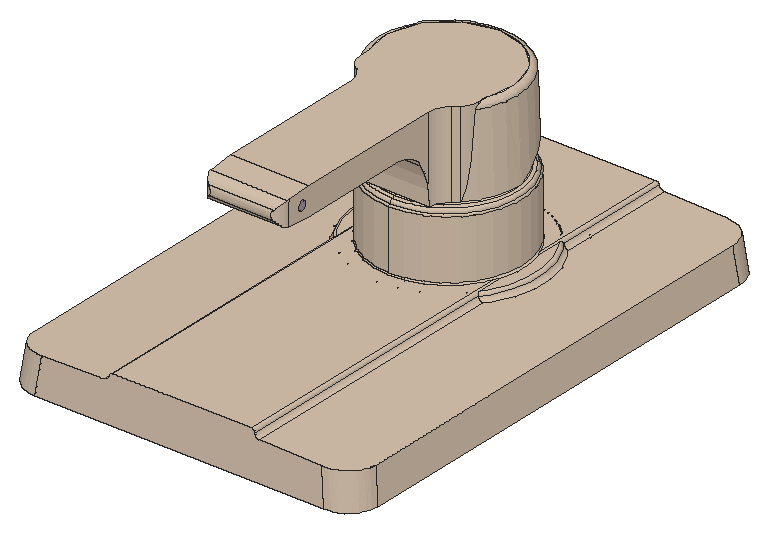
Revit family "Shower-Valve_Trim-KOHLER-Singulier-K-10880A", category Specialty Equipment, host Face, Revit 2017
Family settings
  Host = Face
  Round Connector Dimension = Use Diameter
  Part Type = Normal
  OmniClass Number = 23.31.25.00
  OmniClass Title = Toilet and Bath Specialties
  Cut with Voids When Loaded = No
  Shared = No
  Room Calculation Point = No
Parameters (values of type "AF- Vibrant French Gold")
  Width = 4 145/256"  # constant formula
  WaterSense Certified = 1 = 0  # no
  URL = "https://www.kohlerasiapacific.com/"
  Type = 2
  Product Page URL = ""
  Product Name = "Singulier\r\n"  # constant formula
  Product Documentation Link = ""
  Model = if(Type = 1, "K-10880A-4-CP", if(Type = 2, "K-10880A-4-AF", "NA"))  # "K-10880A-4-AF"
  Material = "Solid brass construction"  # constant formula
  Master Format 2014 Name = "Toilet, Bath, and Laundry Accessories"  # constant formula
  Master Format 2014 = "10 28 00"  # constant formula
  Manufacturer Address = "No. 158 Jiang Chang San Road, Zhabei District, Shanghai, China\r\n"  # constant formula
  Manufacturer = "KOHLER Co."  # constant formula
  Length = 2 167/256"  # constant formula
  Height = 6 177/256"  # constant formula
  Finish = Kohler-Metal-AF-Vibrant_French_Gold
  Environmental Product Declaration = ""
  Description = "Recessed Shower Trim"  # constant formula
  Default Elevation = 42"
  Declare Label = ""
  Date Modified = "08/14/2020"  # constant formula
  Date Created = "08/14/2020"  # constant formula
  Copyright = "Copyright KOHLER Co."  # constant formula
  Contact Us = "https://www.kohlerasiapacific.com/contact-us"
  Assembly Code = "C1030200"
  ADA Compliant = 1 = 0  # no
Types (3): name | Type | Model | Finish
  (no name) | 2 | "K-10880A-4-AF" | Kohler-Metal-AF-Vibrant_French_Gold
  CP- Polished Chrome | 1 | "K-10880A-4-CP" | Kohler-Metal-CP-Polished_Chrome
  AF- Vibrant French Gold | 2 | "K-10880A-4-AF" | Kohler-Metal-AF-Vibrant_French_Gold
Reference planes (in)
  plane 1 "Center (Front/Back)": y = 0
  plane 2: z = 0
  plane 3 "Center (Left/Right)": x = 0
  plane 4: y = 3.3457
  plane 5: y = -3.3457
  plane 6: x = -2.2832
  plane 7: x = 2.2832
  plane 8: z = 2.65234
  plane 9: y = 1.04331
  plane 10: y = -2.34252
Dimensions and locks (in)
  "Height": plane 5 to plane 4
  "Width": plane 6 to plane 7
  equal spacing: plane 5, plane 1 "Center (Front/Back)", plane 4
  equal spacing: plane 6, plane 3 "Center (Left/Right)", plane 7
  "Length": level to plane 8
  plane 9 to plane 10 = 3.38583"
  aligned and locked: plane 2 to host face
  aligned and locked: level to host face
  aligned and locked: plane 4 to nested 1
  aligned and locked: plane 5 to nested 1
  aligned and locked: plane 6 to nested 1
  aligned and locked: plane 7 to nested 1
  aligned and locked: plane 8 to nested 1
  aligned and locked: plane 9 to nested 1
  aligned and locked: plane 10 to nested 1
Automatic sketch dimensions
  host sketch curve to host sketch curve = 96"  (x2)
Nested families (in)
  nested 1: "K-10880A" at (0.00026, -0.00075, -0.00107), type "K-10880A"
Definition of nested family "K-10880A"
  Parameters (values of type "K-10880A")
    Material = none
  Reference planes (in)
    plane 1 "Center (Front/Back)": y = 0
    plane 2: z = 0
    plane 3 "Center (Left/Right)": x = 0
    plane 4: y = 3.34646
    plane 5: y = -3.34646
    plane 6: x = -2.28346
    plane 7: x = 2.28346
    plane 8 "1": y = 1.04331
    plane 9: z = 2.65341
    plane 10: y = -2.34252
  Forms (in)
    SweptBlend 1, solid, material <- "Material", detail levels medium+fine
      path origin (0, 0, 0) x (1, 0, 0) y (0, 0, 1)
        loop
          line (0, 0) -> (0, 0.59055)
      profile origin (0, 0, 0) x (-1, 0, 0) y (0, -1, 0)
        loop
          arc (1.88976, -3.34646) -> (2.16815, -3.23114) -> (2.28346, -2.95276) r 0.3937
          line (2.28346, -2.95276) -> (2.28346, 2.95276)
          arc (2.28346, 2.95276) -> (2.16815, 3.23114) -> (1.88976, 3.34646) r 0.3937
          line (1.88976, 3.34646) -> (-1.88976, 3.34646)
          arc (-1.88976, 3.34646) -> (-2.16815, 3.23114) -> (-2.28346, 2.95276) r 0.3937
          line (-2.28346, 2.95276) -> (-2.28346, -2.95276)
          arc (-2.28346, -2.95276) -> (-2.16815, -3.23114) -> (-1.88976, -3.34646) r 0.3937
          line (-1.88976, -3.34646) -> (1.88976, -3.34646)
      end profile origin (0, 0, 0.59055) x (-1, 0, 0) y (0, -1, 0)
        loop
          arc (1.81836, -3.29357) -> (2.09675, -3.17826) -> (2.21206, -2.89987) r 0.3937
          line (2.21206, -2.89987) -> (2.21206, 2.89961)
          arc (2.21206, 2.89961) -> (2.09675, 3.178) -> (1.81836, 3.29331) r 0.3937
          line (1.81836, 3.29331) -> (-1.81836, 3.29331)
          arc (-1.81836, 3.29331) -> (-2.09674, 3.178) -> (-2.21206, 2.89961) r 0.3937
          line (-2.21206, 2.89961) -> (-2.21206, -2.89987)
          arc (-2.21206, -2.89987) -> (-2.09674, -3.17826) -> (-1.81836, -3.29357) r 0.3937
          line (-1.81836, -3.29357) -> (1.81836, -3.29357)
    Extrusion 2, void
      sketch origin (0, 0, 0) x (1, 0, 0) y (0, 0, 1)
        loop
          line (2.59566, 0.4396) -> (2.59566, 0.75842) -> (-2.64178, 0.75842) -> (-2.64178, 0.43768)
          arc (-2.64178, 0.43768) -> (-1.83065, 0.4666) -> (-1.01922, 0.48503) r 62.75716
          arc (-1.01922, 0.48503) -> (-0.9708, 0.50351) -> (-0.94552, 0.54875) r 0.07592
          arc (-0.94552, 0.54875) -> (-0.93208, 0.5728) -> (-0.90633, 0.58261) r 0.04035
          arc (-0.90633, 0.58261) -> (-0.00003, 0.58972) -> (0.90627, 0.58265) r 57.92163
          arc (0.90627, 0.58265) -> (0.93326, 0.5723) -> (0.9472, 0.54697) r 0.04207
          arc (0.9472, 0.54697) -> (0.97136, 0.50303) -> (1.01817, 0.48504) r 0.073
          arc (1.01817, 0.48504) -> (1.80706, 0.46728) -> (2.59566, 0.4396) r 62.75716
      from -4.04299 to 3.66349
    Revolve 3, solid, material <- "Material", detail levels medium+fine
      sketch origin (0, 0, 0) x (0, 1, 0) y (0, 0, 1)
        loop
          arc (2.00787, 1.37323) -> (2.00235, 1.3889) -> (1.98822, 1.39764) r 0.02498
          arc (1.98822, 1.39764) -> (1.98062, 1.42785) -> (1.9552, 1.44585) r 0.04491
          line (1.9552, 1.44585) -> (1.90789, 1.45852)
          arc (1.90789, 1.45852) -> (1.8661, 1.48639) -> (1.84983, 1.53391) r 0.07833
          arc (1.84983, 1.53391) -> (1.61059, 2.09106) -> (1.04331, 2.30514) r 0.77455
          line (1.04331, 2.30514) -> (1.04331, 0.29362) -> (2.53985, 0.29362) -> (2.53985, 0.39443)
          arc (2.53985, 0.39443) -> (2.52867, 0.42524) -> (2.50033, 0.44169) r 0.04801
          line (2.50033, 0.44169) -> (2.29024, 0.47943)
          arc (2.29024, 0.47943) -> (2.24885, 0.50153) -> (2.22821, 0.54366) r 0.0763
          arc (2.22821, 0.54366) -> (2.21486, 0.56817) -> (2.18873, 0.578) r 0.04004
          arc (2.18873, 0.578) -> (2.10911, 0.57852) -> (2.02949, 0.57948) r 14.53707
          arc (2.02949, 0.57948) -> (2.01419, 0.58602) -> (2.00787, 0.60142) r 0.02194
          line (2.00787, 0.60142) -> (2.00787, 1.37323)
        axis (1.04331, 2.30514) -> (1.04331, 0.29362)
      angle from 0 to 360
    Revolve 4, solid, material <- "Material", detail levels medium+fine
      sketch origin (0, 0, 0) x (0, 1, 0) y (0, 0, 1)
        loop
          line (1.98166, 1.54134) -> (1.9515, 2.57742)
          arc (1.9515, 2.57742) -> (1.9278, 2.63129) -> (1.87326, 2.65341) r 0.07827
          line (1.87326, 2.65341) -> (1.03369, 2.65341) -> (1.03369, 1.54134) -> (1.98166, 1.54134)
        axis (1.03369, 2.65341) -> (1.03369, 1.54134)
      angle from 0 to 360
    Extrusion 5, void
      sketch origin (0, 0, 0) x (0, 1, 0) y (0, 0, 1)
        loop
          line (0.98895, 1.51482) -> (2.08275, 1.51482) -> (2.08275, 2.04836) -> (0.98895, 1.51482)
      from -1.19707 to 1.3425
    Revolve 6, solid, material <- "Material", detail levels medium+fine
      sketch origin (0, 0, 0) x (0, 1, 0) y (0, 0, 1)
        loop
          arc (2.02691, 2.26392) -> (1.99308, 2.37398) -> (1.89741, 2.43806) r 0.17206
          line (1.89741, 2.43806) -> (1.89741, 2.26392) -> (2.02691, 2.26392)
        axis (2.02691, 2.26392) -> (1.89741, 2.26392)
      angle from 0 to 360
    Extrusion 7, solid, material <- "Material", detail levels medium+fine
      sketch origin (0, 0, 0) x (1, 0, 0) y (0, 1, 0)
        loop
          line (-0.3492, -2.34638) -> (0.3492, -2.34638)
          arc (0.3492, -2.34638) -> (0.46056, -2.30026) -> (0.50668, -2.1889) r 0.15748
          line (0.50668, -2.1889) -> (0.50668, 0.07491)
          arc (0.50668, 0.07491) -> (0.53558, 0.20638) -> (0.61673, 0.31377) r 0.31496
          arc (0.61673, 0.31377) -> (0.655, 0.3484) -> (0.69132, 0.38506) r 0.94797
          arc (0.69132, 0.38506) -> (0.74784, 0.47419) -> (0.7676, 0.57786) r 0.28178
          line (0.7676, 0.57786) -> (0.7676, 0.87343) -> (-0.7676, 0.87343) -> (-0.7676, 0.57786)
          arc (-0.7676, 0.57786) -> (-0.74784, 0.47419) -> (-0.69132, 0.38506) r 0.28178
          arc (-0.69132, 0.38506) -> (-0.655, 0.3484) -> (-0.61673, 0.31377) r 0.94797
          arc (-0.61673, 0.31377) -> (-0.53552, 0.20623) -> (-0.50668, 0.07458) r 0.31496
          line (-0.50668, 0.07458) -> (-0.50668, -2.1889)
          arc (-0.50668, -2.1889) -> (-0.46056, -2.30026) -> (-0.3492, -2.34638) r 0.15748
      from 1.54134 to 2.65341
    Extrusion 8, void
      sketch origin (0, 0, 0) x (0, 1, 0) y (0, 0, 1)
        loop
          line (-1.86904, 2.65341) -> (-0.17696, 2.65341) -> (-0.17696, 3.25497) -> (-3.12972, 3.25497) -> (-3.12972, 1.4988) -> (0.10065, 1.4988)
          arc (0.10065, 1.4988) -> (0.07936, 1.79855) -> (-0.0351, 2.07641) r 0.94365
          arc (-0.0351, 2.07641) -> (-0.19524, 2.23019) -> (-0.41008, 2.2862) r 0.44002
          line (-0.41008, 2.2862) -> (-1.86428, 2.2862)
          arc (-1.86428, 2.2862) -> (-2.02747, 2.29303) -> (-2.18952, 2.31346) r 1.95379
          arc (-2.18952, 2.31346) -> (-2.26933, 2.34165) -> (-2.32618, 2.40435) r 0.17279
          arc (-2.32618, 2.40435) -> (-2.34252, 2.46937) -> (-2.32663, 2.5345) r 0.13944
          arc (-2.32663, 2.5345) -> (-2.27537, 2.59399) -> (-2.20307, 2.62464) r 0.17279
          arc (-2.20307, 2.62464) -> (-2.03668, 2.6462) -> (-1.86904, 2.65341) r 1.95379
      from -1.50105 to 1.75816
    Extrusion 9, void
      sketch origin (0, 0, 0) x (0, 1, 0) y (0, 0, 1)
        loop
          line (-0.43761, 1.90197) -> (-0.43761, 1.50827) -> (0.27954, 1.50827) -> (0.27954, 1.90197) -> (-0.43761, 1.90197)
      from -0.38902 to 0.31495
    Extrusion 10, solid, material <- "Material", detail levels coarse
      sketch origin (0, 0, 0) x (1, 0, 0) y (0, 1, 0)
        loop
          arc (-1.88976, 3.34646) -> (-2.16815, 3.23114) -> (-2.28346, 2.95276) r 0.3937
          line (-2.28346, 2.95276) -> (-2.28346, -2.95276)
          arc (-2.28346, -2.95276) -> (-2.16815, -3.23114) -> (-1.88976, -3.34646) r 0.3937
          line (-1.88976, -3.34646) -> (1.88976, -3.34646)
          arc (1.88976, -3.34646) -> (2.16815, -3.23114) -> (2.28346, -2.95276) r 0.3937
          line (2.28346, -2.95276) -> (2.28346, 2.95276)
          arc (2.28346, 2.95276) -> (2.16815, 3.23114) -> (1.88976, 3.34646) r 0.3937
          line (1.88976, 3.34646) -> (-1.88976, 3.34646)
      from 0 to 0.48477
    Extrusion 11, solid, material <- "Material", detail levels coarse
      sketch origin (0, 0, 0) x (1, 0, 0) y (0, 1, 0)
        loop
          line (-0.96455, 3.34646) -> (-0.96455, 1.78424)
          arc (-0.96455, 1.78424) -> (-1.17704, 1.03478) -> (-0.96455, 0.28532) r 1.42791
          line (-0.96455, 0.28532) -> (-0.96455, -3.34646) -> (0.96455, -3.34646) -> (0.96455, 0.32795)
          arc (0.96455, 0.32795) -> (1.17704, 1.07741) -> (0.96455, 1.82687) r 1.42791
          line (0.96455, 1.82687) -> (0.96455, 3.34646) -> (-0.96455, 3.34646)
      from 0 to 0.58977
    Revolve 12, solid, material <- "Material", detail levels coarse
      sketch origin (0, 0, 0) x (0, 1, 0) y (0, 0, 1)
        loop
          line (2.00787, 0.24445) -> (2.00787, 1.44167) -> (1.94437, 2.65341) -> (1.04331, 2.65341) -> (1.04331, 0.24445) -> (2.00787, 0.24445)
        axis (1.04331, 2.65341) -> (1.04331, 0.24445)
      angle from 0 to 360
    Extrusion 13, solid, material <- "Material", detail levels coarse
      sketch origin (0, 0, 0) x (0, 1, 0) y (0, 0, 1)
        loop
          line (0.64961, 2.2862) -> (0.64961, 2.65341) -> (-2.34252, 2.65341) -> (-2.34252, 2.2862) -> (0.64961, 2.2862)
      from -0.50668 to 0.50668
    Extrusion 14, solid, detail levels medium+fine
      sketch origin (0, 0, 0) x (0, 1, 0) y (0, 0, 1)
        loop
          circle (-1.98073, 2.46874) r 0.0565
      from 0.33928 to 0.507
    Extrusion 15, solid, detail levels medium+fine
      sketch origin (0, 0, 0) x (0, 1, 0) y (0, 0, -1)
        loop
          circle (-1.98073, -2.46874) r 0.0565
      from 0.33928 to 0.507
  Cuts and joins
    Extrusion 2, Extrusion 5 cuts SweptBlend 1
    Extrusion 5, Extrusion 9 cuts Revolve 4
    Extrusion 9 cuts Revolve 6
    Extrusion 8 cuts Extrusion 7
    joined: Revolve 3, Revolve 4, Revolve 6, Extrusion 7
    joined: Extrusion 10, Extrusion 11, Revolve 12, Extrusion 13
  Lines and regions (in)
    Masking region 1
      outline origin (0, 0, 0) x (1, 0, 0) y (0, 1, 0)
        loop
          arc (-1.89084, 3.34646) -> (-2.16847, 3.23146) -> (-2.28346, 2.95383) r 0.39263
          line (-2.28346, 2.95383) -> (-2.28346, -2.95383)
          arc (-2.28346, -2.95383) -> (-2.16847, -3.23146) -> (-1.89084, -3.34646) r 0.39263
          line (-1.89084, -3.34646) -> (1.89084, -3.34646)
          arc (1.89084, -3.34646) -> (2.16847, -3.23146) -> (2.28346, -2.95383) r 0.39263
          line (2.28346, -2.95383) -> (2.28346, 2.95383)
          arc (2.28346, 2.95383) -> (2.16847, 3.23146) -> (1.89084, 3.34646) r 0.39263
          line (1.89084, 3.34646) -> (-1.89084, 3.34646)
    Masking region 2
      outline origin (0, 0, 0) x (1, 0, 0) y (0, 0, 1)
        loop
          arc (0.96457, 1.37471) -> (0.95904, 1.39038) -> (0.94491, 1.39912) r 0.02498
          arc (0.94491, 1.39912) -> (0.93732, 1.42933) -> (0.91189, 1.44733) r 0.04491
          line (0.91189, 1.44733) -> (0.86458, 1.46001)
          arc (0.86458, 1.46001) -> (0.82102, 1.49026) -> (0.80673, 1.54134) r 0.07833
          line (0.80673, 1.54134) -> (0.94797, 1.54134) -> (0.91781, 2.57742)
          arc (0.91781, 2.57742) -> (0.89411, 2.63129) -> (0.83957, 2.65341) r 0.07827
          line (0.83957, 2.65341) -> (0, 2.65341) -> (-0.83957, 2.65341)
          arc (-0.83957, 2.65341) -> (-0.89411, 2.63129) -> (-0.91781, 2.57742) r 0.07827
          line (-0.91781, 2.57742) -> (-0.94797, 1.54134) -> (-0.80673, 1.54134)
          arc (-0.80673, 1.54134) -> (-0.82102, 1.49026) -> (-0.86458, 1.46001) r 0.07833
          line (-0.86458, 1.46001) -> (-0.91189, 1.44733)
          arc (-0.91189, 1.44733) -> (-0.93732, 1.42933) -> (-0.94491, 1.39912) r 0.04491
          arc (-0.94491, 1.39912) -> (-0.95904, 1.39038) -> (-0.96457, 1.37471) r 0.02498
          line (-0.96457, 1.37471) -> (-0.96457, 0.6029)
          arc (-0.96457, 0.6029) -> (-0.97088, 0.5875) -> (-0.98619, 0.58096) r 0.02194
          arc (-0.98619, 0.58096) -> (-1.0658, 0.58) -> (-1.14543, 0.57948) r 14.53707
          arc (-1.14543, 0.57948) -> (-1.17155, 0.56965) -> (-1.1849, 0.54514) r 0.04004
          arc (-1.1849, 0.54514) -> (-1.20554, 0.50301) -> (-1.24693, 0.48091) r 0.0763
          arc (-1.24693, 0.48091) -> (-1.71337, 0.46979) -> (-2.17972, 0.45541) r 67.07927
          arc (-2.17972, 0.45541) -> (-2.21638, 0.44042) -> (-2.23447, 0.40518) r 0.05713
          line (-2.23447, 0.40518) -> (-2.28346, 0) -> (0, 0) -> (2.28346, 0) -> (2.23447, 0.40518)
          arc (2.23447, 0.40518) -> (2.21638, 0.44042) -> (2.17972, 0.45541) r 0.05713
          arc (2.17972, 0.45541) -> (1.71337, 0.46979) -> (1.24693, 0.48091) r 67.07927
          arc (1.24693, 0.48091) -> (1.20554, 0.50301) -> (1.1849, 0.54514) r 0.0763
          arc (1.1849, 0.54514) -> (1.17155, 0.56965) -> (1.14543, 0.57948) r 0.04004
          arc (1.14543, 0.57948) -> (1.0658, 0.58) -> (0.98619, 0.58096) r 14.53707
          arc (0.98619, 0.58096) -> (0.97088, 0.5875) -> (0.96457, 0.6029) r 0.02194
          line (0.96457, 0.6029) -> (0.96457, 1.37471)
    Masking region 3
      outline origin (0, 0, 0) x (0, 1, 0) y (0, 0, 1)
        loop
          line (-3.29836, 0.5344) -> (-3.34646, 0) -> (3.34646, 0) -> (3.29851, 0.53543)
          arc (3.29851, 0.53543) -> (3.27936, 0.57411) -> (3.23913, 0.58972) r 0.05961
          line (3.23913, 0.58972) -> (2.00787, 0.58972) -> (2.00787, 1.37323)
          arc (2.00787, 1.37323) -> (2.00262, 1.38912) -> (1.98822, 1.39764) r 0.02384
          arc (1.98822, 1.39764) -> (1.98047, 1.4279) -> (1.95494, 1.44592) r 0.04522
          line (1.95494, 1.44592) -> (1.90797, 1.4585)
          arc (1.90797, 1.4585) -> (1.86561, 1.48683) -> (1.8493, 1.53511) r 0.07916
          arc (1.8493, 1.53511) -> (1.82707, 1.71869) -> (1.761, 1.89142) r 0.75735
          line (1.761, 1.89142) -> (1.96852, 1.99264) -> (1.96472, 2.124)
          arc (1.96472, 2.124) -> (2.02794, 2.2691) -> (1.95643, 2.41029) r 0.18585
          line (1.95643, 2.41029) -> (1.95159, 2.57742)
          arc (1.95159, 2.57742) -> (1.9279, 2.63128) -> (1.87337, 2.65341) r 0.07825
          line (1.87337, 2.65341) -> (-1.86904, 2.65341)
          arc (-1.86904, 2.65341) -> (-2.03668, 2.6462) -> (-2.20307, 2.62464) r 1.95379
          arc (-2.20307, 2.62464) -> (-2.27537, 2.59399) -> (-2.32663, 2.5345) r 0.17279
          arc (-2.32663, 2.5345) -> (-2.34252, 2.46937) -> (-2.32618, 2.40435) r 0.13944
          arc (-2.32618, 2.40435) -> (-2.26933, 2.34165) -> (-2.18952, 2.31346) r 0.17279
          arc (-2.18952, 2.31346) -> (-2.02747, 2.29303) -> (-1.86428, 2.2862) r 1.95379
          line (-1.86428, 2.2862) -> (-0.41008, 2.2862)
          arc (-0.41008, 2.2862) -> (-0.19524, 2.23019) -> (-0.0351, 2.07641) r 0.44002
          arc (-0.0351, 2.07641) -> (0.07424, 1.81925) -> (0.10348, 1.54134) r 0.94365
          line (0.10348, 1.54134) -> (0.23706, 1.54134)
          arc (0.23706, 1.54134) -> (0.22285, 1.48935) -> (0.17864, 1.4585) r 0.07916
          line (0.17864, 1.4585) -> (0.13167, 1.44592)
          arc (0.13167, 1.44592) -> (0.10615, 1.4279) -> (0.09839, 1.39764) r 0.04522
          arc (0.09839, 1.39764) -> (0.08399, 1.38912) -> (0.07874, 1.37323) r 0.02384
          line (0.07874, 1.37323) -> (0.07874, 0.58972) -> (-3.23783, 0.58972)
          arc (-3.23783, 0.58972) -> (-3.27883, 0.57381) -> (-3.29836, 0.5344) r 0.06077
    symbolic lines, detail levels medium+fine
      curve 1: line (0.50668, -2.22441, 0) -> (0.50668, 0.07388, 0)
      curve 2: line (-0.50668, 0.07347, 0) -> (-0.50668, -2.22441, 0)
      curve 3: line (-0.38857, -2.34252, 0) -> (0.38857, -2.34252, 0)
      curve 4: arc (-0.50668, -2.22441, 0) -> (-0.47209, -2.30793, 0) -> (-0.38857, -2.34252, 0) r 0.11811
      curve 5: arc (0.38857, -2.34252, 0) -> (0.47209, -2.30793, 0) -> (0.50668, -2.22441, 0) r 0.11811
      curve 6: line (-2.2286, -2.92005, 0) -> (-2.2286, 2.92005, 0)
      curve 7: spline (-2.2286, 2.92005, 0) -> (-2.2242, 2.97066, 0) -> (-2.21331, 3.02028, 0) -> (-2.19611, 3.06808, 0) -> (-2.17291, 3.11327, 0) -> (-2.14407, 3.15508, 0) -> (-2.11009, 3.19283, 0) -> (-2.07152, 3.22587, 0) -> (-2.02902, 3.25367, 0) -> (-1.98329, 3.27576, 0) -> (-1.9351, 3.29177, 0) -> (-1.88525, 3.30142, 0) -> (-1.83456, 3.30457, 0)
      curve 8: spline (-1.83456, 3.30468, 0) -> (-1.76664, 3.30451, 0) -> (-1.69871, 3.30434, 0) -> (-1.63078, 3.30418, 0) -> (-1.56285, 3.30402, 0) -> (-1.49492, 3.30387, 0) -> (-1.42699, 3.30373, 0) -> (-1.35905, 3.3036, 0) -> (-1.29111, 3.30347, 0) -> (-1.22317, 3.30335, 0) -> (-1.15523, 3.30323, 0) -> (-1.08729, 3.30312, 0) -> (-1.01935, 3.30302, 0)
      curve 9: spline (-1.01935, 3.30302, 0) -> (-1.01053, 3.30296, 0) -> (-1.00184, 3.30281, 0) -> (-0.99341, 3.30257, 0) -> (-0.98535, 3.30225, 0) -> (-0.97777, 3.30184, 0) -> (-0.97076, 3.30136, 0) -> (-0.96443, 3.30081, 0) -> (-0.95886, 3.3002, 0) -> (-0.95412, 3.29953, 0) -> (-0.95029, 3.29882, 0) -> (-0.94741, 3.29807, 0) -> (-0.94551, 3.2973, 0)
      curve 10: spline (-0.94551, 3.29731, 0) -> (-0.9445, 3.2969, 0) -> (-0.94297, 3.29651, 0) -> (-0.94092, 3.29613, 0) -> (-0.93841, 3.29578, 0) -> (-0.93544, 3.29545, 0) -> (-0.93208, 3.29516, 0) -> (-0.92835, 3.2949, 0) -> (-0.92432, 3.29469, 0) -> (-0.92004, 3.29452, 0) -> (-0.91556, 3.29439, 0) -> (-0.91094, 3.29431, 0) -> (-0.90626, 3.29428, 0)
      curve 11: spline (-0.90626, 3.29428, 0) -> (-0.75523, 3.29409, 0) -> (-0.6042, 3.29393, 0) -> (-0.45316, 3.2938, 0) -> (-0.30212, 3.29371, 0) -> (-0.15107, 3.29366, 0) -> (-0.00003, 3.29364, 0) -> (0.15102, 3.29366, 0) -> (0.30206, 3.29371, 0) -> (0.4531, 3.2938, 0) -> (0.60414, 3.29392, 0) -> (0.75517, 3.29408, 0) -> (0.9062, 3.29428, 0)
      curve 12: spline (0.9062, 3.29428, 0) -> (0.91112, 3.29431, 0) -> (0.91596, 3.29439, 0) -> (0.92066, 3.29453, 0) -> (0.92515, 3.29471, 0) -> (0.92937, 3.29493, 0) -> (0.93326, 3.2952, 0) -> (0.93678, 3.29551, 0) -> (0.93987, 3.29586, 0) -> (0.94248, 3.29623, 0) -> (0.9446, 3.29663, 0) -> (0.94617, 3.29704, 0) -> (0.94719, 3.29747, 0)
      curve 13: spline (0.9472, 3.29747, 0) -> (0.94896, 3.29821, 0) -> (0.95168, 3.29894, 0) -> (0.95534, 3.29963, 0) -> (0.95988, 3.30027, 0) -> (0.96523, 3.30087, 0) -> (0.97133, 3.30141, 0) -> (0.97809, 3.30187, 0) -> (0.98541, 3.30227, 0) -> (0.9932, 3.30258, 0) -> (1.00136, 3.30282, 0) -> (1.00976, 3.30296, 0) -> (1.01829, 3.30302, 0)
      curve 14: spline (1.01829, 3.30302, 0) -> (1.08633, 3.30312, 0) -> (1.15436, 3.30323, 0) -> (1.22238, 3.30334, 0) -> (1.29041, 3.30347, 0) -> (1.35844, 3.3036, 0) -> (1.42646, 3.30373, 0) -> (1.49448, 3.30387, 0) -> (1.5625, 3.30402, 0) -> (1.63052, 3.30418, 0) -> (1.69854, 3.30434, 0) -> (1.76655, 3.30451, 0) -> (1.83456, 3.30468, 0)
      curve 15: spline (1.83456, 3.30457, 0) -> (1.88524, 3.30142, 0) -> (1.9351, 3.29177, 0) -> (1.98329, 3.27576, 0) -> (2.02901, 3.25367, 0) -> (2.07151, 3.22587, 0) -> (2.11008, 3.19282, 0) -> (2.14406, 3.15507, 0) -> (2.1729, 3.11325, 0) -> (2.19611, 3.06807, 0) -> (2.2133, 3.02026, 0) -> (2.22419, 2.97064, 0) -> (2.2286, 2.92003, 0)
      curve 16: line (2.2286, 2.92003, 0) -> (2.2286, -2.92005, 0)
      curve 17: spline (-2.2286, -2.92005, 0) -> (-2.2242, -2.97066, 0) -> (-2.21331, -3.02028, 0) -> (-2.19611, -3.06808, 0) -> (-2.17291, -3.11327, 0) -> (-2.14407, -3.15508, 0) -> (-2.11009, -3.19283, 0) -> (-2.07152, -3.22587, 0) -> (-2.02902, -3.25367, 0) -> (-1.98329, -3.27576, 0) -> (-1.9351, -3.29177, 0) -> (-1.88525, -3.30142, 0) -> (-1.83456, -3.30457, 0)
      curve 18: spline (-1.83456, -3.30468, 0) -> (-1.76664, -3.30451, 0) -> (-1.69871, -3.30434, 0) -> (-1.63078, -3.30418, 0) -> (-1.56285, -3.30402, 0) -> (-1.49492, -3.30387, 0) -> (-1.42699, -3.30373, 0) -> (-1.35905, -3.3036, 0) -> (-1.29111, -3.30347, 0) -> (-1.22317, -3.30335, 0) -> (-1.15523, -3.30323, 0) -> (-1.08729, -3.30312, 0) -> (-1.01935, -3.30302, 0)
      curve 19: spline (-1.01935, -3.30302, 0) -> (-1.01053, -3.30296, 0) -> (-1.00184, -3.30281, 0) -> (-0.99341, -3.30257, 0) -> (-0.98535, -3.30225, 0) -> (-0.97777, -3.30184, 0) -> (-0.97076, -3.30136, 0) -> (-0.96443, -3.30081, 0) -> (-0.95886, -3.3002, 0) -> (-0.95412, -3.29953, 0) -> (-0.95029, -3.29882, 0) -> (-0.94741, -3.29807, 0) -> (-0.94551, -3.2973, 0)
      curve 20: spline (-0.94551, -3.29731, 0) -> (-0.9445, -3.2969, 0) -> (-0.94297, -3.29651, 0) -> (-0.94092, -3.29613, 0) -> (-0.93841, -3.29578, 0) -> (-0.93544, -3.29545, 0) -> (-0.93208, -3.29516, 0) -> (-0.92835, -3.2949, 0) -> (-0.92432, -3.29469, 0) -> (-0.92004, -3.29452, 0) -> (-0.91556, -3.29439, 0) -> (-0.91094, -3.29431, 0) -> (-0.90626, -3.29428, 0)
      curve 21: spline (-0.90626, -3.29428, 0) -> (-0.75523, -3.29409, 0) -> (-0.6042, -3.29393, 0) -> (-0.45316, -3.2938, 0) -> (-0.30212, -3.29371, 0) -> (-0.15107, -3.29366, 0) -> (-0.00003, -3.29364, 0) -> (0.15102, -3.29366, 0) -> (0.30206, -3.29371, 0) -> (0.4531, -3.2938, 0) -> (0.60414, -3.29392, 0) -> (0.75517, -3.29408, 0) -> (0.9062, -3.29428, 0)
      curve 22: spline (0.9062, -3.29428, 0) -> (0.91112, -3.29431, 0) -> (0.91596, -3.29439, 0) -> (0.92066, -3.29453, 0) -> (0.92515, -3.29471, 0) -> (0.92937, -3.29493, 0) -> (0.93326, -3.2952, 0) -> (0.93678, -3.29551, 0) -> (0.93987, -3.29586, 0) -> (0.94248, -3.29623, 0) -> (0.9446, -3.29663, 0) -> (0.94617, -3.29704, 0) -> (0.94719, -3.29747, 0)
      curve 23: spline (0.9472, -3.29747, 0) -> (0.94896, -3.29821, 0) -> (0.95168, -3.29894, 0) -> (0.95534, -3.29963, 0) -> (0.95988, -3.30027, 0) -> (0.96523, -3.30087, 0) -> (0.97133, -3.30141, 0) -> (0.97809, -3.30187, 0) -> (0.98541, -3.30227, 0) -> (0.9932, -3.30258, 0) -> (1.00136, -3.30282, 0) -> (1.00976, -3.30296, 0) -> (1.01829, -3.30302, 0)
      curve 24: spline (1.01829, -3.30302, 0) -> (1.08633, -3.30312, 0) -> (1.15436, -3.30323, 0) -> (1.22238, -3.30334, 0) -> (1.29041, -3.30347, 0) -> (1.35844, -3.3036, 0) -> (1.42646, -3.30373, 0) -> (1.49448, -3.30387, 0) -> (1.5625, -3.30402, 0) -> (1.63052, -3.30418, 0) -> (1.69854, -3.30434, 0) -> (1.76655, -3.30451, 0) -> (1.83456, -3.30468, 0)
      curve 25: spline (1.83456, -3.30457, 0) -> (1.88524, -3.30142, 0) -> (1.93509, -3.29177, 0) -> (1.98328, -3.27576, 0) -> (2.02901, -3.25367, 0) -> (2.07151, -3.22587, 0) -> (2.11007, -3.19283, 0) -> (2.14405, -3.15508, 0) -> (2.17289, -3.11327, 0) -> (2.1961, -3.06808, 0) -> (2.2133, -3.02028, 0) -> (2.22419, -2.97066, 0) -> (2.2286, -2.92005, 0)
      curve 26: arc (0.6337, 0.36693, 0) -> (0.00014, 1.97016, 0) -> (-0.63391, 0.36712, 0) r 0.92685
      curve 27: arc (-0.63391, 0.36712, 0) -> (-0.53986, 0.23348, 0) -> (-0.50668, 0.07347, 0) r 0.40252
      curve 28: arc (0.50668, 0.07388, 0) -> (0.5398, 0.23358, 0) -> (0.6337, 0.36693, 0) r 0.40157
      curve 29: arc (0.56353, 0.21245, 0) -> (0, 2.04724, 0) -> (-0.56353, 0.21245, 0) r 1.00394
      curve 30: arc (-0.56353, 0.21245, 0) -> (-0.51879, 0.13552, 0) -> (-0.50668, 0.04735, 0) r 0.22945
      curve 31: arc (0.56353, 0.21245, 0) -> (0.51879, 0.13552, 0) -> (0.50668, 0.04734, 0) r 0.22945
      curve 32: arc (-0.13452, 1.97016, 0) -> (0, 2.02876, 0) -> (0.13452, 1.97016, 0) r 0.1837
      curve 33: line (0.13452, 1.97016, 0) -> (-0.13452, 1.97016, 0)
      curve 34: line (-0.90913, 3.29433, 0) -> (-0.90913, 1.8773, 0)
      curve 35: arc (-0.94753, 1.72659, 0) -> (-1.12162, 1.04331, 0) -> (-0.94753, 0.36003, 0) r 1.42791
      curve 36: line (-0.90913, 0.20932, 0) -> (-0.90913, -3.29433, 0)
      curve 37: arc (-0.94753, 0.36003, 0) -> (-0.91888, 0.28708, 0) -> (-0.90913, 0.20932, 0) r 0.31496
      curve 38: arc (-0.90913, 1.8773, 0) -> (-0.91888, 1.79953, 0) -> (-0.94753, 1.72659, 0) r 0.31496
      curve 39: line (0.90913, 3.29433, 0) -> (0.90913, 1.8773, 0)
      curve 40: arc (0.94753, 1.72659, 0) -> (1.12162, 1.04331, 0) -> (0.94753, 0.36003, 0) r 1.42791
      curve 41: line (0.90913, 0.20932, 0) -> (0.90913, -3.29433, 0)
      curve 42: arc (0.94753, 0.36003, 0) -> (0.91888, 0.28708, 0) -> (0.90913, 0.20932, 0) r 0.31496
      curve 43: arc (0.90913, 1.8773, 0) -> (0.91888, 1.79953, 0) -> (0.94753, 1.72659, 0) r 0.31496
      curve 44: line (-2.2286, -2.92005, 0) -> (-2.28346, -2.95383, 0)
      curve 45: line (-1.88976, -3.34646, 0) -> (-1.83456, -3.30457, 0)
      curve 46: line (2.2286, -2.92005, 0) -> (2.28346, -2.95383, 0)
      curve 47: line (1.88976, -3.34646, 0) -> (1.83456, -3.30457, 0)
      curve 48: line (-2.2286, 2.92005, 0) -> (-2.28346, 2.95383, 0)
      curve 49: line (-1.88976, 3.34646, 0) -> (-1.83456, 3.30457, 0)
      curve 50: line (2.2286, 2.92005, 0) -> (2.28346, 2.95383, 0)
      curve 51: line (1.88976, 3.34646, 0) -> (1.83456, 3.30457, 0)
      curve 52: spline (0.15181, 0, 2.26715) -> (0.14663, 0, 2.3042) -> (0.13146, 0, 2.33872) -> (0.10733, 0, 2.36837) -> (0.07588, 0, 2.39112) -> (0.03925, 0, 2.40542) -> (-0.00005, 0, 2.4103) -> (-0.03936, 0, 2.40542) -> (-0.07598, 0, 2.39112) -> (-0.10743, 0, 2.36837) -> (-0.13157, 0, 2.33872) -> (-0.14674, 0, 2.3042) -> (-0.15191, 0, 2.26715) -> (-0.14674, 0, 2.23009) -> (-0.13157, 0, 2.19557) -> (-0.10743, 0, 2.16592) -> (-0.07598, 0, 2.14317) -> (-0.03936, 0, 2.12887) -> (-0.00005, 0, 2.12399) -> (0.03925, 0, 2.12887) -> (0.07588, 0, 2.14317) -> (0.10733, 0, 2.16592) -> (0.13146, 0, 2.19557) -> (0.14663, 0, 2.23009) -> (0.15181, 0, 2.26715)
      curve 53: spline (0.94791, 0, 1.54142) -> (0.94385, 0, 1.59782) -> (0.92326, 0, 1.65354) -> (0.88647, 0, 1.70765) -> (0.8341, 0, 1.75926) -> (0.767, 0, 1.80752) -> (0.68628, 0, 1.85165) -> (0.59326, 0, 1.89091) -> (0.48948, 0, 1.92465) -> (0.37665, 0, 1.95233) -> (0.25661, 0, 1.97349) -> (0.13134, 0, 1.98777) -> (0.00292, 0, 1.99495)
      curve 54: spline (0.00292, 0, 1.99495) -> (-0.1263, 0, 1.98777) -> (-0.25234, 0, 1.97349) -> (-0.37311, 0, 1.95233) -> (-0.48665, 0, 1.92465) -> (-0.59106, 0, 1.89091) -> (-0.68465, 0, 1.85165) -> (-0.76587, 0, 1.80752) -> (-0.83338, 0, 1.75926) -> (-0.88608, 0, 1.70765) -> (-0.92309, 0, 1.65354) -> (-0.94381, 0, 1.59782) -> (-0.94789, 0, 1.54142)
      curve 55: spline (0.80663, 0, 1.54134) -> (0.79896, 0, 1.5872) -> (0.77776, 0, 1.63224) -> (0.74337, 0, 1.67569) -> (0.69639, 0, 1.7168) -> (0.63761, 0, 1.75489) -> (0.56802, 0, 1.7893) -> (0.48882, 0, 1.81945) -> (0.40134, 0, 1.84483) -> (0.30708, 0, 1.865) -> (0.20763, 0, 1.87963) -> (0.10469, 0, 1.88846) -> (0, 0, 1.89134)
      curve 56: spline (0, 0, 1.89134) -> (-0.10469, 0, 1.88846) -> (-0.20763, 0, 1.87963) -> (-0.30708, 0, 1.865) -> (-0.40134, 0, 1.84483) -> (-0.48882, 0, 1.81945) -> (-0.56802, 0, 1.7893) -> (-0.63761, 0, 1.75489) -> (-0.69639, 0, 1.7168) -> (-0.74337, 0, 1.67569) -> (-0.77776, 0, 1.63224) -> (-0.79896, 0, 1.5872) -> (-0.80663, 0, 1.54134)
      curve 57: line (0.94491, 0, 1.39764) -> (-0.94491, 0, 1.39764)
      curve 58: arc (-0.90804, 0, 0.58259) -> (-0.00088, 0, 0.58972) -> (0.90627, 0, 0.58265) r 57.92163
      curve 59: arc (1.12666, 0, 0.48287) -> (1.18472, 0, 0.4818) -> (1.24278, 0, 0.48068) r 62.75716
      curve 60: arc (0.9472, 0, 0.54697) -> (0.97126, 0, 0.50312) -> (1.01789, 0, 0.48505) r 0.073
      curve 61: arc (0.90627, 0, 0.58265) -> (0.93326, 0, 0.5723) -> (0.9472, 0, 0.54697) r 0.04207
      curve 62: line (1.12666, 0, 0.48287) -> (1.01789, 0, 0.48505)
      curve 63: arc (-1.12666, 0, 0.48287) -> (-1.18472, 0, 0.4818) -> (-1.24278, 0, 0.48068) r 62.75716
      curve 64: arc (-0.9472, 0, 0.54697) -> (-0.97126, 0, 0.50312) -> (-1.01789, 0, 0.48505) r 0.073
      curve 65: arc (-0.90804, 0, 0.58259) -> (-0.93392, 0, 0.57171) -> (-0.9472, 0, 0.54697) r 0.04207
      curve 66: line (-1.12666, 0, 0.48287) -> (-1.01789, 0, 0.48505)
      curve 67: line (0.90627, 0, 0.58265) -> (0.98623, 0, 0.58096)
      curve 68: line (-0.90627, 0, 0.58265) -> (-0.98623, 0, 0.58096)
      curve 69: arc (-0.29003, 0, -38.78264) -> (0.00052, 0, -38.78035) -> (0.29108, 0, -38.78262) r 18.55155
      curve 70: line (0, 1.98822, 1.39764) -> (0, 0.09839, 1.39764)
      curve 71: line (0, 1.761, 1.89142) -> (0, 1.04331, 1.54134)
      curve 72: line (0, 1.04331, 1.54134) -> (0, 0.23684, 1.54134)
      curve 73: arc (0, 1.95643, 2.41029) -> (0, 1.9417, 2.2666) -> (0, 1.96472, 2.124) r 0.55241
      curve 74: spline (0, 2.91299, 0.45372) -> (0, 2.95439, 0.45392) -> (0, 2.99531, 0.45425) -> (0, 3.0353, 0.45469) -> (0, 3.0739, 0.45526) -> (0, 3.1107, 0.45593) -> (0, 3.14529, 0.45671) -> (0, 3.17727, 0.45758) -> (0, 3.20629, 0.45854) -> (0, 3.23204, 0.45957) -> (0, 3.25422, 0.46067) -> (0, 3.27259, 0.46181) -> (0, 3.28694, 0.46299)
      curve 75: line (0, -2.91973, 0.45372) -> (0, 2.91299, 0.45372)
      curve 76: spline (0, -3.27206, 0.46139) -> (0, -3.25561, 0.46031) -> (0, -3.23606, 0.45928) -> (0, -3.21357, 0.45831) -> (0, -3.18835, 0.45742) -> (0, -3.16062, 0.45661) -> (0, -3.13065, 0.45589) -> (0, -3.09869, 0.45526) -> (0, -3.06503, 0.45473) -> (0, -3.02999, 0.45431) -> (0, -2.99387, 0.454) -> (0, -2.95701, 0.4538) -> (0, -2.91973, 0.45372)
      curve 77: arc (0, -3.27206, 0.46139) -> (0, -3.2885, 0.46248) -> (0, -3.30447, 0.46652) r 0.09079
      curve 78: arc (0, 3.26867, 0.46154) -> (0, 3.28693, 0.46225) -> (0, 3.30467, 0.46659) r 0.09079
      curve 79: line (0, 2.00787, 0.58972) -> (0, 0.07874, 0.58972)
      curve 80: line (-2.23447, 0, 0.40518) -> (2.23447, 0, 0.40518)
      curve 81: line (-1.01789, 0, 0.48505) -> (1.01789, 0, 0.48505)
      curve 82: circle (0, -1.98073, 2.46874) r 0.0565 normal (-1, 0, 0)
  Dimensions and locks (in)
    plane 4 to plane 5 = 6.69291"
    plane 6 to plane 7 = 4.56693"
    plane 9 to level = 2.65341"
    plane 10 to plane 8 "1" = 3.38583"
    aligned and locked: plane 2 to level
